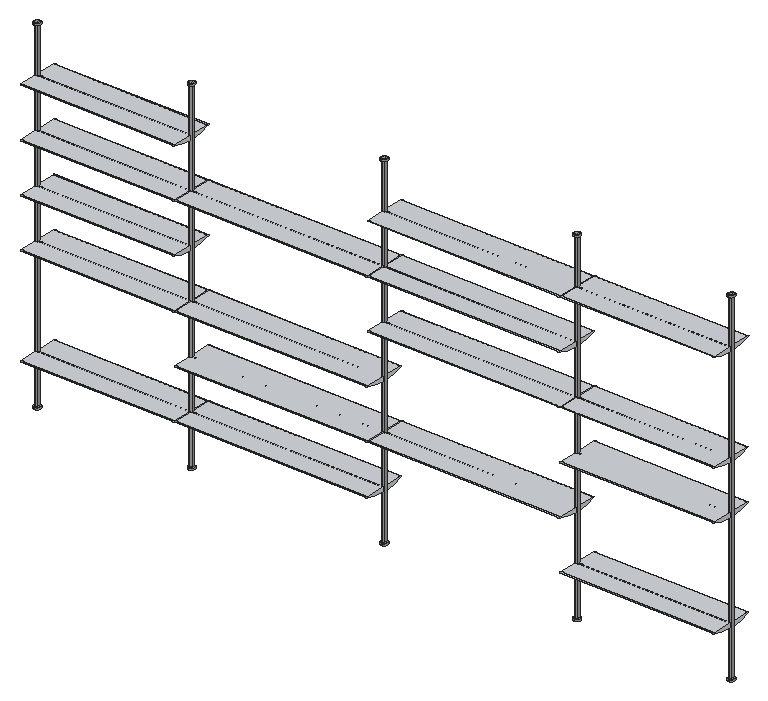
Revit family "Sailor_Composizione_6", category Arredi, Revit 2017
Family settings
  Numero OmniClass = 23.40.20.00
  Titolo OmniClass = General Furniture and Specialties
  Basato su piano di lavoro = No
  Sempre verticale = Sì
  Taglio con vuoti quando caricato = No
  Condiviso = No
  Punto di calcolo locali = No
Parameters
  VisibModulo4 = yes
  VisibModulo3 = yes
  VisibModulo2 = yes
  URL = "www.livingdivani.it"
  Produttore = "Living Divani"
  Modello = "Sailor"
  Lunghezza Modulo 3 = 1500 mm
  Lunghezza Modulo 2 = 1500 mm
  Lunghezza Modulo 4 = 1200 mm
  Lunghezza Modulo 1 = 1200 mm
Reference planes
  plane 1 "Centro (Fronte/Retro)": y = 0
  plane 2: z = 0
  plane 3 "Centro (Sinistra/Destra)": x = 0
Dimensions and locks
  aligned and locked: level to plane 2
  aligned and locked: nested 2 to nested 1
  aligned and locked: nested 3 to nested 2
  aligned and locked: nested 2 to nested 3
  aligned and locked: nested 4 to nested 3
  aligned and locked: nested 3 to nested 4
Nested families
  nested 1: "Sailor_Modulo_Base" at (0, 0, 0), LunghezzaRipiano <- "Lunghezza Modulo 1", type "Primo Modulo"
    with VisibRipiano6 yes, VisibRipiano5 yes, VisibRipiano4 yes, VisibRipiano3 yes, VisibRipiano2 no, VisibRipiano1 yes, LunghezzaRipiano 1200 mm
  nested 2: "Sailor_Modulo_Base" at (1200, 0, 0), LunghezzaRipiano <- "Lunghezza Modulo 2", visible <- "VisibModulo2", type "Secondo Modulo"
    with VisibRipiano6 no, VisibRipiano5 yes, VisibRipiano4 no, VisibRipiano3 yes, VisibRipiano2 yes, VisibRipiano1 yes, LunghezzaRipiano 1500 mm, PrimaAsta no
  nested 3: "Sailor_Modulo_Base" at (2700, 0, 0), LunghezzaRipiano <- "Lunghezza Modulo 3", visible <- "VisibModulo3", type "Terzo Modulo"
    with VisibRipiano6 yes, VisibRipiano5 yes, VisibRipiano4 yes, VisibRipiano3 no, VisibRipiano2 yes, VisibRipiano1 no, LunghezzaRipiano 1500 mm, PrimaAsta no
  nested 4: "Sailor_Modulo_Base" at (4200, 0, 0), LunghezzaRipiano <- "Lunghezza Modulo 4", visible <- "VisibModulo4", type "Quarto Modulo"
    with VisibRipiano6 yes, VisibRipiano5 no, VisibRipiano4 yes, VisibRipiano3 yes, VisibRipiano2 no, VisibRipiano1 yes, LunghezzaRipiano 1200 mm, PrimaAsta no
Definition of nested family "Sailor_Modulo_Base"
  Parameters (values of type "Sailor_Modulo_Base")
    VisibRipiano6 [instance] = yes
    VisibRipiano5 [instance] = yes
    VisibRipiano4 [instance] = yes
    VisibRipiano3 [instance] = yes
    VisibRipiano1 [instance] = yes
    VisibRipiano2 [instance] = yes
    Ripiano = none
    PrimaAsta = yes
    Aste = none
    LunghezzaRipiano [instance] = 750 mm
  Reference planes
    plane 1 "Centro (Fronte/Retro)": y = 0
    plane 2: z = 0
    plane 3 "Centro (Sinistra/Destra)": x = 0
    plane 4: y = 0
    plane 5 "Lunghezza Ripiano": x = 750
    plane 6 "primo ripiano": z = 383
    plane 7: y = 0
    plane 8: y = 0
    plane 9: y = 0
    plane 10: y = 0
    plane 11: y = 0
  Forms (mm)
    Extrusion 1, solid, material <- "Aste", visible <- "PrimaAsta"
      sketch origin (0, 0, 0) x (1, 0, 0) y (0, 1, 0)
        loop
          line (12.5, 7.217) -> (0, 14.434) -> (-12.5, 7.217) -> (-12.5, -7.217) -> (0, -14.434) -> (12.5, -7.217) -> (12.5, 7.217)
      from 20 to 2670
    Revolve 2, solid, material <- "Aste", visible <- "PrimaAsta"
      sketch origin (0, 0, 0) x (0, 1, 0) y (0, 0, 1)
        loop
          line (0, 20) -> (0, 0) -> (19, 0) -> (20.125, 2.25) -> (25, 2.25) -> (25, 9.915) -> (7.761, 9.915) -> (6.996, 12.974) -> (5, 12.974) -> (5, 14.189) -> (7.229, 20) -> (0, 20)
        axis (0, 0) -> (0, 20)
      angle from 0 to 360
    Revolve 3, solid, material <- "Aste", visible <- "PrimaAsta"
      sketch origin (0, 0, 2690) x (0, 1, 0) y (0, 0, -1)
        loop
          line (0, 20) -> (0, 0) -> (19, 0) -> (20.125, 2.25) -> (25, 2.25) -> (25, 9.915) -> (7.761, 9.915) -> (6.996, 12.974) -> (5, 12.974) -> (5, 14.189) -> (7.229, 20) -> (0, 20)
        axis (0, 0) -> (0, 20)
      angle from 0 to 360
    Extrusion 4, solid, material <- "Ripiano", visible <- "VisibRipiano1"
      sketch origin (0, -315.449, -968.719) x (0, 1, 0) y (0, 0, 1)
        loop
          arc (153.449, 1369.219) -> (150.496, 1366.748) -> (152.408, 1363.405) r 3
          arc (152.408, 1363.405) -> (315.449, 1334.219) -> (478.489, 1363.405) r 469.983
          arc (478.489, 1363.405) -> (480.402, 1366.748) -> (477.449, 1369.219) r 3
          line (477.449, 1369.219) -> (153.449, 1369.219)
        loop
          circle (315.449, 1351.719) r 8
      from 0 to 750 <- "LunghezzaRipiano"
    Extrusion 5, solid, visible <- "PrimaAsta", not visible
      sketch origin (0, 0, 0) x (1, 0, 0) y (0, 1, 0)
        loop
          line (12.5, 7.217) -> (0, 14.434) -> (-12.5, 7.217) -> (-12.5, -7.217) -> (0, -14.434) -> (12.5, -7.217) -> (12.5, 7.217)
      from 20 to 2670
    Revolve 6, solid, visible <- "PrimaAsta", not visible
      sketch origin (0, 0, 0) x (0, 1, 0) y (0, 0, 1)
        loop
          line (0, 20) -> (0, 0) -> (19, 0) -> (20.125, 2.25) -> (25, 2.25) -> (25, 9.915) -> (7.761, 9.915) -> (6.996, 12.974) -> (5, 12.974) -> (5, 14.189) -> (7.229, 20) -> (0, 20)
        axis (0, 0) -> (0, 20)
      angle from 0 to 360
    Revolve 7, solid, visible <- "PrimaAsta", not visible
      sketch origin (0, 0, 2690) x (0, 1, 0) y (0, 0, -1)
        loop
          line (0, 20) -> (0, 0) -> (19, 0) -> (20.125, 2.25) -> (25, 2.25) -> (25, 9.915) -> (7.761, 9.915) -> (6.996, 12.974) -> (5, 12.974) -> (5, 14.189) -> (7.229, 20) -> (0, 20)
        axis (0, 0) -> (0, 20)
      angle from 0 to 360
    Revolve 8, solid, material <- "Aste"
      sketch origin (750, 0, 0) x (0, 1, 0) y (0, 0, 1)
        loop
          line (0, 20) -> (0, 0) -> (19, 0) -> (20.125, 2.25) -> (25, 2.25) -> (25, 9.915) -> (7.761, 9.915) -> (6.996, 12.974) -> (5, 12.974) -> (5, 14.189) -> (7.229, 20) -> (0, 20)
        axis (0, 0) -> (0, 20)
      angle from 0 to 360
    Revolve 9, solid, material <- "Aste"
      sketch origin (750, 0, 2690) x (0, 1, 0) y (0, 0, -1)
        loop
          line (0, 20) -> (0, 0) -> (19, 0) -> (20.125, 2.25) -> (25, 2.25) -> (25, 9.915) -> (7.761, 9.915) -> (6.996, 12.974) -> (5, 12.974) -> (5, 14.189) -> (7.229, 20) -> (0, 20)
        axis (0, 0) -> (0, 20)
      angle from 0 to 360
    Extrusion 10, solid, material <- "Ripiano", visible <- "VisibRipiano2"
      sketch origin (0, -315.449, -583.719) x (0, 1, 0) y (0, 0, 1)
        loop
          arc (153.449, 1369.219) -> (150.496, 1366.748) -> (152.408, 1363.405) r 3
          arc (152.408, 1363.405) -> (315.449, 1334.219) -> (478.489, 1363.405) r 469.983
          arc (478.489, 1363.405) -> (480.402, 1366.748) -> (477.449, 1369.219) r 3
          line (477.449, 1369.219) -> (153.449, 1369.219)
        loop
          circle (315.449, 1351.719) r 8
      from 0 to 750 <- "LunghezzaRipiano"
    Extrusion 11, solid, material <- "Ripiano", visible <- "VisibRipiano3"
      sketch origin (0, -315.449, -198.719) x (0, 1, 0) y (0, 0, 1)
        loop
          arc (153.449, 1369.219) -> (150.496, 1366.748) -> (152.408, 1363.405) r 3
          arc (152.408, 1363.405) -> (315.449, 1334.219) -> (478.489, 1363.405) r 469.983
          arc (478.489, 1363.405) -> (480.402, 1366.748) -> (477.449, 1369.219) r 3
          line (477.449, 1369.219) -> (153.449, 1369.219)
        loop
          circle (315.449, 1351.719) r 8
      from 0 to 750 <- "LunghezzaRipiano"
    Extrusion 12, solid, material <- "Ripiano", visible <- "VisibRipiano4"
      sketch origin (0, -315.449, 186.281) x (0, 1, 0) y (0, 0, 1)
        loop
          arc (153.449, 1369.219) -> (150.496, 1366.748) -> (152.408, 1363.405) r 3
          arc (152.408, 1363.405) -> (315.449, 1334.219) -> (478.489, 1363.405) r 469.983
          arc (478.489, 1363.405) -> (480.402, 1366.748) -> (477.449, 1369.219) r 3
          line (477.449, 1369.219) -> (153.449, 1369.219)
        loop
          circle (315.449, 1351.719) r 8
      from 0 to 750 <- "LunghezzaRipiano"
    Extrusion 13, solid, material <- "Ripiano", visible <- "VisibRipiano5"
      sketch origin (0, -315.449, 571.281) x (0, 1, 0) y (0, 0, 1)
        loop
          arc (153.449, 1369.219) -> (150.496, 1366.748) -> (152.408, 1363.405) r 3
          arc (152.408, 1363.405) -> (315.449, 1334.219) -> (478.489, 1363.405) r 469.983
          arc (478.489, 1363.405) -> (480.402, 1366.748) -> (477.449, 1369.219) r 3
          line (477.449, 1369.219) -> (153.449, 1369.219)
        loop
          circle (315.449, 1351.719) r 8
      from 0 to 750 <- "LunghezzaRipiano"
    Extrusion 14, solid, material <- "Ripiano", visible <- "VisibRipiano6"
      sketch origin (0, -315.449, 956.281) x (0, 1, 0) y (0, 0, 1)
        loop
          arc (153.449, 1369.219) -> (150.496, 1366.748) -> (152.408, 1363.405) r 3
          arc (152.408, 1363.405) -> (315.449, 1334.219) -> (478.489, 1363.405) r 469.983
          arc (478.489, 1363.405) -> (480.402, 1366.748) -> (477.449, 1369.219) r 3
          line (477.449, 1369.219) -> (153.449, 1369.219)
        loop
          circle (315.449, 1351.719) r 8
      from 0 to 750 <- "LunghezzaRipiano"
    Extrusion 15, solid, material <- "Aste"
      sketch origin (750, 0, 0) x (-1, 0, 0) y (0, -1, 0)
        loop
          line (12.5, -7.217) -> (12.5, 7.217) -> (0, 14.434) -> (-12.5, 7.217) -> (-12.5, -7.217) -> (0, -14.434) -> (12.5, -7.217)
      from 20 to 2670
    Extrusion 16, void
      sketch origin (-112.713, -21.581, 0) x (1, 0, 0) y (0, 1, 0)
        loop
          line (112.713, 36.015) -> (112.713, 7.147) -> (125.213, 14.364) -> (125.213, 28.798) -> (112.713, 36.015)
      from 361.476 to 406.494
    Extrusion 17, void
      sketch origin (862.713, -21.581, 0) x (-1, 0, 0) y (0, -1, 0)
        loop
          line (112.713, -36.015) -> (125.213, -28.798) -> (125.213, -14.364) -> (112.713, -7.147) -> (112.713, -36.015)
      from 361.476 to 406.494
    Extrusion 18, void
      sketch origin (-112.713, -21.581, 385.443) x (0, -1, 0) y (1, 0, 0)
        loop
          line (-36.015, 112.713) -> (-7.147, 112.713) -> (-14.364, 125.213) -> (-28.798, 125.213) -> (-36.015, 112.713)
      from 361.476 to 406.494
    Extrusion 19, void
      sketch origin (862.713, -21.581, 385.443) x (0, 1, 0) y (-1, 0, 0)
        loop
          line (36.015, 112.713) -> (28.798, 125.213) -> (14.364, 125.213) -> (7.147, 112.713) -> (36.015, 112.713)
      from 361.476 to 406.494
    Extrusion 20, void
      sketch origin (-112.713, -21.581, 770.443) x (0, -1, 0) y (1, 0, 0)
        loop
          line (-36.015, 112.713) -> (-7.147, 112.713) -> (-14.364, 125.213) -> (-28.798, 125.213) -> (-36.015, 112.713)
      from 361.476 to 406.494
    Extrusion 21, void
      sketch origin (862.713, -21.581, 770.443) x (0, 1, 0) y (-1, 0, 0)
        loop
          line (36.015, 112.713) -> (28.798, 125.213) -> (14.364, 125.213) -> (7.147, 112.713) -> (36.015, 112.713)
      from 361.476 to 406.494
    Extrusion 22, void
      sketch origin (-112.713, -21.581, 1155.443) x (0, -1, 0) y (1, 0, 0)
        loop
          line (-36.015, 112.713) -> (-7.147, 112.713) -> (-14.364, 125.213) -> (-28.798, 125.213) -> (-36.015, 112.713)
      from 361.476 to 406.494
    Extrusion 23, void
      sketch origin (862.713, -21.581, 1155.443) x (0, 1, 0) y (-1, 0, 0)
        loop
          line (36.015, 112.713) -> (28.798, 125.213) -> (14.364, 125.213) -> (7.147, 112.713) -> (36.015, 112.713)
      from 361.476 to 406.494
    Extrusion 24, void
      sketch origin (-112.713, -21.581, 1540.443) x (0, -1, 0) y (1, 0, 0)
        loop
          line (-36.015, 112.713) -> (-7.147, 112.713) -> (-14.364, 125.213) -> (-28.798, 125.213) -> (-36.015, 112.713)
      from 361.476 to 406.494
    Extrusion 25, void
      sketch origin (862.713, -21.581, 1540.443) x (0, 1, 0) y (-1, 0, 0)
        loop
          line (36.015, 112.713) -> (28.798, 125.213) -> (14.364, 125.213) -> (7.147, 112.713) -> (36.015, 112.713)
      from 361.476 to 406.494
    Extrusion 26, void
      sketch origin (-112.713, -21.581, 1925.443) x (0, -1, 0) y (1, 0, 0)
        loop
          line (-36.015, 112.713) -> (-7.147, 112.713) -> (-14.364, 125.213) -> (-28.798, 125.213) -> (-36.015, 112.713)
      from 361.476 to 406.494
    Extrusion 27, void
      sketch origin (862.713, -21.581, 1925.443) x (0, 1, 0) y (-1, 0, 0)
        loop
          line (36.015, 112.713) -> (28.798, 125.213) -> (14.364, 125.213) -> (7.147, 112.713) -> (36.015, 112.713)
      from 361.476 to 406.494
  Cuts and joins
    Extrusion 16, Extrusion 17, Extrusion 18, Extrusion 19 cuts Extrusion 4
    Extrusion 16, Extrusion 17, Extrusion 26, Extrusion 27 cuts Extrusion 14
    Extrusion 17 cuts Extrusion 1
    Extrusion 18, Extrusion 19, Extrusion 20 cuts Extrusion 10
    Extrusion 20, Extrusion 21, Extrusion 22 cuts Extrusion 11
    Extrusion 22, Extrusion 23, Extrusion 24 cuts Extrusion 12
    Extrusion 24, Extrusion 25, Extrusion 26 cuts Extrusion 13
  Dimensions and locks
    equal spacing: Extrusion 4 sketch curve, plane 4, Extrusion 4 sketch curve, locked at 165 each
    "LunghezzaRipiano": plane 3 "Centro (Sinistra/Destra)" to plane 5 "Lunghezza Ripiano"
    plane 6 "primo ripiano" to level = 383 mm
    equal spacing: Extrusion 10 sketch curve, plane 7, Extrusion 10 sketch curve, locked at 165 each
    Extrusion 10 to plane 6 "primo ripiano" = 385 mm
    equal spacing: Extrusion 11 sketch curve, plane 8, Extrusion 11 sketch curve, locked at 165 each
    equal spacing: Extrusion 12 sketch curve, plane 9, Extrusion 12 sketch curve, locked at 165 each
    equal spacing: Extrusion 13 sketch curve, plane 10, Extrusion 13 sketch curve, locked at 165 each
    equal spacing: Extrusion 14 sketch curve, plane 11, Extrusion 14 sketch curve, locked at 165 each
    aligned and locked: level to plane 2
    aligned and locked: Extrusion 1 to Revolve 2
    aligned and locked: Extrusion 1 to Revolve 3
    aligned and locked: plane 4 to plane 1 "Centro (Fronte/Retro)"
    aligned and locked: plane 5 "Lunghezza Ripiano" to Revolve 9
    aligned and locked: plane 6 "primo ripiano" to Extrusion 4
    aligned and locked: Extrusion 15 to plane 5 "Lunghezza Ripiano"
    aligned and locked: cut or joined group of Extrusion 14, Extrusion 16, Extrusion 17, Extrusion 26, Extrusion 27 to cut or joined group of Extrusion 4, Extrusion 16, Extrusion 17, Extrusion 18, Extrusion 19  (x2)
    aligned and locked: plane 5 "Lunghezza Ripiano" to Revolve 8
  Automatic sketch dimensions
    Extrusion 5 sketch curve to Extrusion 5 sketch curve = 7.217 mm  (x4)
    Revolve 6 sketch curve to Revolve 6 sketch curve = 1.996 mm
    Revolve 6 sketch curve to Revolve 6 sketch curve = 2.229 mm
    Revolve 6 sketch curve to Revolve 6 sketch curve = 0.765 mm
    Revolve 6 sketch curve to Revolve 6 sketch curve = 11.239 mm
    Revolve 6 sketch curve to Revolve 6 sketch curve = 1.125 mm
    Revolve 6 sketch curve to Revolve 6 sketch curve = 4.875 mm
    Revolve 6 sketch curve to Revolve 6 sketch curve = 3.059 mm
    Revolve 6 sketch curve to Revolve 6 sketch curve = 1.216 mm
    Revolve 6 sketch curve to Revolve 6 sketch curve = 5.811 mm
    Revolve 6 sketch curve to Revolve 6 sketch curve = 2780 mm
    Revolve 7 sketch curve to Revolve 7 sketch curve = 1.996 mm
    Revolve 7 sketch curve to Revolve 7 sketch curve = 2.229 mm
    Revolve 7 sketch curve to Revolve 7 sketch curve = 0.765 mm
    Revolve 7 sketch curve to Revolve 7 sketch curve = 11.239 mm
    Revolve 7 sketch curve to Revolve 7 sketch curve = 1.125 mm
    Revolve 7 sketch curve to Revolve 7 sketch curve = 4.875 mm
    Revolve 7 sketch curve to Revolve 7 sketch curve = 2.25 mm
    Revolve 7 sketch curve to Revolve 7 sketch curve = 9.915 mm
    Revolve 7 sketch curve to Revolve 7 sketch curve = 3.059 mm
    Revolve 7 sketch curve to Revolve 7 sketch curve = 1.216 mm
    Revolve 7 sketch curve to Revolve 7 sketch curve = 5.811 mm
    Revolve 7 sketch curve to Revolve 7 sketch curve = 0 mm  (x2)
    Extrusion 5 sketch curve to Extrusion 5 sketch curve = 12.5 mm  (x3)
    Extrusion 5 sketch curve to Extrusion 5 sketch curve = 14.434 mm
    Revolve 6 sketch curve to Revolve 6 sketch curve = 5 mm
    Revolve 6 sketch curve to Revolve 6 sketch curve = 2.25 mm
    Revolve 6 sketch curve to Revolve 6 sketch curve = 9.915 mm
    Revolve 6 sketch curve to Revolve 6 sketch curve = 0 mm  (x2)
    Revolve 7 sketch curve to Revolve 7 sketch curve = 5 mm
    Revolve 7 sketch curve to Revolve 7 sketch curve = 2780 mm
    Extrusion 1 sketch curve to plane 3 "Centro (Sinistra/Destra)" = 0 mm  (x2)
    Extrusion 1 sketch curve to plane 3 "Centro (Sinistra/Destra)" = 12.5 mm
    plane 3 "Centro (Sinistra/Destra)" to Extrusion 1 sketch curve = 12.5 mm
    plane 1 "Centro (Fronte/Retro)" to Extrusion 1 sketch curve = 14.434 mm
    plane 1 "Centro (Fronte/Retro)" to Extrusion 1 sketch curve = 7.217 mm  (x2)
    Extrusion 1 sketch curve to plane 1 "Centro (Fronte/Retro)" = 7.217 mm  (x2)
    Extrusion 1 sketch curve to Extrusion 1 sketch curve = 7.217 mm
    Revolve 2 sketch curve to level = 0 mm  (x2)
    Revolve 2 sketch curve to plane 1 "Centro (Fronte/Retro)" = 0 mm  (x2)
    Revolve 2 sketch curve to plane 1 "Centro (Fronte/Retro)" = 5 mm
    Revolve 2 sketch curve to Revolve 2 sketch curve = 1.996 mm
    Revolve 2 sketch curve to Revolve 2 sketch curve = 2.229 mm
    Revolve 2 sketch curve to Revolve 2 sketch curve = 0.765 mm
    Revolve 2 sketch curve to Revolve 2 sketch curve = 11.239 mm
    level to Revolve 2 sketch curve = 2.25 mm
    Revolve 2 sketch curve to Revolve 2 sketch curve = 1.125 mm
    Revolve 2 sketch curve to Revolve 2 sketch curve = 4.875 mm
    level to Revolve 2 sketch curve = 9.915 mm
    Revolve 2 sketch curve to Revolve 2 sketch curve = 3.059 mm
    Revolve 2 sketch curve to Revolve 2 sketch curve = 1.216 mm
    Revolve 2 sketch curve to Revolve 2 sketch curve = 5.811 mm
    plane 6 "primo ripiano" to Revolve 2 sketch curve = 2417 mm
    Revolve 3 sketch curve to plane 1 "Centro (Fronte/Retro)" = 0 mm  (x2)
    plane 1 "Centro (Fronte/Retro)" to Revolve 3 sketch curve = 5 mm
    Revolve 3 sketch curve to Revolve 3 sketch curve = 1.996 mm
    Revolve 3 sketch curve to Revolve 3 sketch curve = 2.229 mm
    Revolve 3 sketch curve to Revolve 3 sketch curve = 0.765 mm
    Revolve 3 sketch curve to Revolve 3 sketch curve = 11.239 mm
    Revolve 3 sketch curve to Revolve 3 sketch curve = 1.125 mm
    Revolve 3 sketch curve to Revolve 3 sketch curve = 4.875 mm
    Revolve 3 sketch curve to plane 6 "primo ripiano" = 2307 mm
    Revolve 3 sketch curve to Revolve 3 sketch curve = 2.25 mm
    Revolve 3 sketch curve to Revolve 3 sketch curve = 9.915 mm
    Revolve 3 sketch curve to Revolve 3 sketch curve = 3.059 mm
    Revolve 3 sketch curve to Revolve 3 sketch curve = 1.216 mm
    Revolve 3 sketch curve to Revolve 3 sketch curve = 5.811 mm
    Revolve 3 sketch curve to Revolve 3 sketch curve = 0 mm
    level to Revolve 3 sketch curve = 110 mm
    Extrusion 4 sketch curve to plane 1 "Centro (Fronte/Retro)" = 0 mm  (x2)
    Extrusion 4 sketch curve to plane 6 "primo ripiano" = 0 mm
    plane 6 "primo ripiano" to Extrusion 4 sketch curve = 17.5 mm
    plane 1 "Centro (Fronte/Retro)" to Extrusion 4 sketch curve = 162 mm
    Extrusion 4 sketch curve to plane 1 "Centro (Fronte/Retro)" = 162 mm
    Extrusion 4 sketch curve to Extrusion 4 sketch curve = 3 mm
    Extrusion 4 sketch curve to Extrusion 4 sketch curve = 452.483 mm
    Extrusion 4 sketch curve to Extrusion 4 sketch curve = 0 mm
    Revolve 8 sketch curve to level = 0 mm  (x2)
    Revolve 8 sketch curve to plane 1 "Centro (Fronte/Retro)" = 0 mm  (x2)
    Revolve 8 sketch curve to plane 1 "Centro (Fronte/Retro)" = 5 mm
    Revolve 8 sketch curve to Revolve 8 sketch curve = 1.996 mm
    Revolve 8 sketch curve to Revolve 8 sketch curve = 2.229 mm
    Revolve 8 sketch curve to Revolve 8 sketch curve = 0.765 mm
    Revolve 8 sketch curve to Revolve 8 sketch curve = 11.239 mm
    level to Revolve 8 sketch curve = 2.25 mm
    Revolve 8 sketch curve to Revolve 8 sketch curve = 1.125 mm
    Revolve 8 sketch curve to Revolve 8 sketch curve = 4.875 mm
    level to Revolve 8 sketch curve = 9.915 mm
    Revolve 8 sketch curve to Revolve 8 sketch curve = 3.059 mm
    Revolve 8 sketch curve to Revolve 8 sketch curve = 1.216 mm
    Revolve 8 sketch curve to Revolve 8 sketch curve = 5.811 mm
    plane 6 "primo ripiano" to Revolve 8 sketch curve = 2417 mm
    Revolve 9 sketch curve to plane 1 "Centro (Fronte/Retro)" = 0 mm  (x2)
    plane 1 "Centro (Fronte/Retro)" to Revolve 9 sketch curve = 5 mm
    Revolve 9 sketch curve to Revolve 9 sketch curve = 1.996 mm
    Revolve 9 sketch curve to Revolve 9 sketch curve = 2.229 mm
    Revolve 9 sketch curve to Revolve 9 sketch curve = 0.765 mm
    Revolve 9 sketch curve to Revolve 9 sketch curve = 11.239 mm
    Revolve 9 sketch curve to Revolve 9 sketch curve = 1.125 mm
    Revolve 9 sketch curve to Revolve 9 sketch curve = 4.875 mm
    Revolve 9 sketch curve to plane 6 "primo ripiano" = 2307 mm
    Revolve 9 sketch curve to Revolve 9 sketch curve = 2.25 mm
    Revolve 9 sketch curve to Revolve 9 sketch curve = 9.915 mm
    Revolve 9 sketch curve to Revolve 9 sketch curve = 3.059 mm
    Revolve 9 sketch curve to Revolve 9 sketch curve = 1.216 mm
    Revolve 9 sketch curve to Revolve 9 sketch curve = 5.811 mm
    Revolve 9 sketch curve to Revolve 9 sketch curve = 0 mm
    level to Revolve 9 sketch curve = 110 mm
    Extrusion 10 sketch curve to plane 1 "Centro (Fronte/Retro)" = 0 mm  (x2)
    plane 1 "Centro (Fronte/Retro)" to Extrusion 10 sketch curve = 162 mm
    Extrusion 10 sketch curve to plane 1 "Centro (Fronte/Retro)" = 162 mm
    plane 6 "primo ripiano" to Extrusion 10 sketch curve = 385 mm
    Extrusion 10 sketch curve to Extrusion 10 sketch curve = 14.5 mm
    Extrusion 10 sketch curve to Extrusion 10 sketch curve = 3 mm
    Extrusion 10 sketch curve to Extrusion 10 sketch curve = 452.483 mm
    Extrusion 10 sketch curve to Extrusion 10 sketch curve = 0 mm
    Extrusion 11 sketch curve to plane 1 "Centro (Fronte/Retro)" = 0 mm  (x2)
    plane 1 "Centro (Fronte/Retro)" to Extrusion 11 sketch curve = 162 mm
    Extrusion 11 sketch curve to plane 1 "Centro (Fronte/Retro)" = 162 mm
    plane 6 "primo ripiano" to Extrusion 11 sketch curve = 770 mm
    Extrusion 11 sketch curve to Extrusion 11 sketch curve = 14.5 mm
    Extrusion 11 sketch curve to Extrusion 11 sketch curve = 3 mm
    Extrusion 11 sketch curve to Extrusion 11 sketch curve = 452.483 mm
    Extrusion 11 sketch curve to Extrusion 11 sketch curve = 0 mm
    Extrusion 12 sketch curve to plane 1 "Centro (Fronte/Retro)" = 0 mm  (x2)
    plane 1 "Centro (Fronte/Retro)" to Extrusion 12 sketch curve = 162 mm
    Extrusion 12 sketch curve to plane 1 "Centro (Fronte/Retro)" = 162 mm
    plane 6 "primo ripiano" to Extrusion 12 sketch curve = 1155 mm
    Extrusion 12 sketch curve to Extrusion 12 sketch curve = 14.5 mm
    Extrusion 12 sketch curve to Extrusion 12 sketch curve = 3 mm
    Extrusion 12 sketch curve to Extrusion 12 sketch curve = 452.483 mm
    Extrusion 12 sketch curve to Extrusion 12 sketch curve = 0 mm
    Extrusion 13 sketch curve to plane 1 "Centro (Fronte/Retro)" = 0 mm  (x2)
    plane 1 "Centro (Fronte/Retro)" to Extrusion 13 sketch curve = 162 mm
    Extrusion 13 sketch curve to plane 1 "Centro (Fronte/Retro)" = 162 mm
    plane 6 "primo ripiano" to Extrusion 13 sketch curve = 1540 mm
    Extrusion 13 sketch curve to Extrusion 13 sketch curve = 14.5 mm
    Extrusion 13 sketch curve to Extrusion 13 sketch curve = 3 mm
    Extrusion 13 sketch curve to Extrusion 13 sketch curve = 452.483 mm
    Extrusion 13 sketch curve to Extrusion 13 sketch curve = 0 mm
    Extrusion 14 sketch curve to plane 1 "Centro (Fronte/Retro)" = 0 mm  (x2)
    plane 1 "Centro (Fronte/Retro)" to Extrusion 14 sketch curve = 162 mm
    Extrusion 14 sketch curve to plane 1 "Centro (Fronte/Retro)" = 162 mm
    plane 6 "primo ripiano" to Extrusion 14 sketch curve = 1925 mm
    Extrusion 14 sketch curve to Extrusion 14 sketch curve = 14.5 mm
    Extrusion 14 sketch curve to Extrusion 14 sketch curve = 3 mm
    Extrusion 14 sketch curve to Extrusion 14 sketch curve = 452.483 mm
    Extrusion 14 sketch curve to Extrusion 14 sketch curve = 0 mm
    Extrusion 15 sketch curve to plane 5 "Lunghezza Ripiano" = 0 mm  (x2)
    plane 5 "Lunghezza Ripiano" to Extrusion 15 sketch curve = 12.5 mm
    Extrusion 15 sketch curve to plane 5 "Lunghezza Ripiano" = 12.5 mm
    Extrusion 15 sketch curve to plane 1 "Centro (Fronte/Retro)" = 14.434 mm
    Extrusion 15 sketch curve to plane 1 "Centro (Fronte/Retro)" = 7.217 mm  (x2)
    plane 1 "Centro (Fronte/Retro)" to Extrusion 15 sketch curve = 7.217 mm  (x2)
    Extrusion 15 sketch curve to Extrusion 15 sketch curve = 7.217 mm
    Extrusion 16 sketch curve to plane 3 "Centro (Sinistra/Destra)" = 0 mm
    plane 3 "Centro (Sinistra/Destra)" to Extrusion 16 sketch curve = 12.5 mm
    plane 1 "Centro (Fronte/Retro)" to Extrusion 16 sketch curve = 14.434 mm
    plane 1 "Centro (Fronte/Retro)" to Extrusion 16 sketch curve = 7.217 mm
    Extrusion 16 sketch curve to plane 1 "Centro (Fronte/Retro)" = 7.217 mm
    Extrusion 16 sketch curve to Extrusion 16 sketch curve = 7.217 mm
    plane 5 "Lunghezza Ripiano" to Extrusion 17 sketch curve = 0 mm
    plane 5 "Lunghezza Ripiano" to Extrusion 17 sketch curve = 12.5 mm
    Extrusion 17 sketch curve to plane 1 "Centro (Fronte/Retro)" = 14.434 mm
    Extrusion 17 sketch curve to plane 1 "Centro (Fronte/Retro)" = 7.217 mm
    plane 1 "Centro (Fronte/Retro)" to Extrusion 17 sketch curve = 7.217 mm
    plane 1 "Centro (Fronte/Retro)" to Extrusion 17 sketch curve = 14.434 mm
    Extrusion 18 sketch curve to plane 3 "Centro (Sinistra/Destra)" = 0 mm
    Extrusion 18 sketch curve to plane 1 "Centro (Fronte/Retro)" = 14.434 mm
    Extrusion 18 sketch curve to plane 1 "Centro (Fronte/Retro)" = 7.217 mm
    plane 1 "Centro (Fronte/Retro)" to Extrusion 18 sketch curve = 7.217 mm
    Extrusion 18 sketch curve to Extrusion 18 sketch curve = 7.217 mm
    plane 3 "Centro (Sinistra/Destra)" to Extrusion 18 sketch curve = 12.5 mm
    Extrusion 19 sketch curve to plane 5 "Lunghezza Ripiano" = 0 mm
    plane 1 "Centro (Fronte/Retro)" to Extrusion 19 sketch curve = 14.434 mm
    plane 1 "Centro (Fronte/Retro)" to Extrusion 19 sketch curve = 7.217 mm
    Extrusion 19 sketch curve to plane 1 "Centro (Fronte/Retro)" = 7.217 mm
    Extrusion 19 sketch curve to plane 1 "Centro (Fronte/Retro)" = 14.434 mm
    Extrusion 19 sketch curve to plane 5 "Lunghezza Ripiano" = 12.5 mm
    Extrusion 20 sketch curve to plane 3 "Centro (Sinistra/Destra)" = 0 mm
    Extrusion 20 sketch curve to plane 1 "Centro (Fronte/Retro)" = 14.434 mm
    Extrusion 20 sketch curve to plane 1 "Centro (Fronte/Retro)" = 7.217 mm
    plane 1 "Centro (Fronte/Retro)" to Extrusion 20 sketch curve = 7.217 mm
    Extrusion 20 sketch curve to Extrusion 20 sketch curve = 7.217 mm
    plane 3 "Centro (Sinistra/Destra)" to Extrusion 20 sketch curve = 12.5 mm
    Extrusion 21 sketch curve to plane 5 "Lunghezza Ripiano" = 0 mm
    plane 1 "Centro (Fronte/Retro)" to Extrusion 21 sketch curve = 14.434 mm
    plane 1 "Centro (Fronte/Retro)" to Extrusion 21 sketch curve = 7.217 mm
    Extrusion 21 sketch curve to plane 1 "Centro (Fronte/Retro)" = 7.217 mm
    Extrusion 21 sketch curve to plane 1 "Centro (Fronte/Retro)" = 14.434 mm
    Extrusion 21 sketch curve to plane 5 "Lunghezza Ripiano" = 12.5 mm
    Extrusion 22 sketch curve to plane 3 "Centro (Sinistra/Destra)" = 0 mm
    Extrusion 22 sketch curve to plane 1 "Centro (Fronte/Retro)" = 14.434 mm
    Extrusion 22 sketch curve to plane 1 "Centro (Fronte/Retro)" = 7.217 mm
    plane 1 "Centro (Fronte/Retro)" to Extrusion 22 sketch curve = 7.217 mm
    Extrusion 22 sketch curve to Extrusion 22 sketch curve = 7.217 mm
    plane 3 "Centro (Sinistra/Destra)" to Extrusion 22 sketch curve = 12.5 mm
    Extrusion 23 sketch curve to plane 5 "Lunghezza Ripiano" = 0 mm
    plane 1 "Centro (Fronte/Retro)" to Extrusion 23 sketch curve = 14.434 mm
    plane 1 "Centro (Fronte/Retro)" to Extrusion 23 sketch curve = 7.217 mm
    Extrusion 23 sketch curve to plane 1 "Centro (Fronte/Retro)" = 7.217 mm
    Extrusion 23 sketch curve to plane 1 "Centro (Fronte/Retro)" = 14.434 mm
    Extrusion 23 sketch curve to plane 5 "Lunghezza Ripiano" = 12.5 mm
    Extrusion 24 sketch curve to plane 3 "Centro (Sinistra/Destra)" = 0 mm
    Extrusion 24 sketch curve to plane 1 "Centro (Fronte/Retro)" = 14.434 mm
    Extrusion 24 sketch curve to plane 1 "Centro (Fronte/Retro)" = 7.217 mm
    plane 1 "Centro (Fronte/Retro)" to Extrusion 24 sketch curve = 7.217 mm
    Extrusion 24 sketch curve to Extrusion 24 sketch curve = 7.217 mm
    plane 3 "Centro (Sinistra/Destra)" to Extrusion 24 sketch curve = 12.5 mm
    Extrusion 25 sketch curve to plane 5 "Lunghezza Ripiano" = 0 mm
    plane 1 "Centro (Fronte/Retro)" to Extrusion 25 sketch curve = 14.434 mm
    plane 1 "Centro (Fronte/Retro)" to Extrusion 25 sketch curve = 7.217 mm
    Extrusion 25 sketch curve to plane 1 "Centro (Fronte/Retro)" = 7.217 mm
    Extrusion 25 sketch curve to plane 1 "Centro (Fronte/Retro)" = 14.434 mm
    Extrusion 25 sketch curve to plane 5 "Lunghezza Ripiano" = 12.5 mm
    Extrusion 26 sketch curve to plane 3 "Centro (Sinistra/Destra)" = 0 mm
    Extrusion 26 sketch curve to plane 1 "Centro (Fronte/Retro)" = 14.434 mm
    Extrusion 26 sketch curve to plane 1 "Centro (Fronte/Retro)" = 7.217 mm
    plane 1 "Centro (Fronte/Retro)" to Extrusion 26 sketch curve = 7.217 mm
    Extrusion 26 sketch curve to Extrusion 26 sketch curve = 7.217 mm
    plane 3 "Centro (Sinistra/Destra)" to Extrusion 26 sketch curve = 12.5 mm
    Extrusion 27 sketch curve to plane 5 "Lunghezza Ripiano" = 0 mm
    plane 1 "Centro (Fronte/Retro)" to Extrusion 27 sketch curve = 14.434 mm
    plane 1 "Centro (Fronte/Retro)" to Extrusion 27 sketch curve = 7.217 mm
    Extrusion 27 sketch curve to plane 1 "Centro (Fronte/Retro)" = 7.217 mm
    Extrusion 27 sketch curve to plane 1 "Centro (Fronte/Retro)" = 14.434 mm
    Extrusion 27 sketch curve to plane 5 "Lunghezza Ripiano" = 12.5 mm
    radius of Extrusion 4 sketch curve = 8 mm
    radius of Extrusion 10 sketch curve = 8 mm
    radius of Extrusion 11 sketch curve = 8 mm
    radius of Extrusion 12 sketch curve = 8 mm
    radius of Extrusion 13 sketch curve = 8 mm
    radius of Extrusion 14 sketch curve = 8 mm
